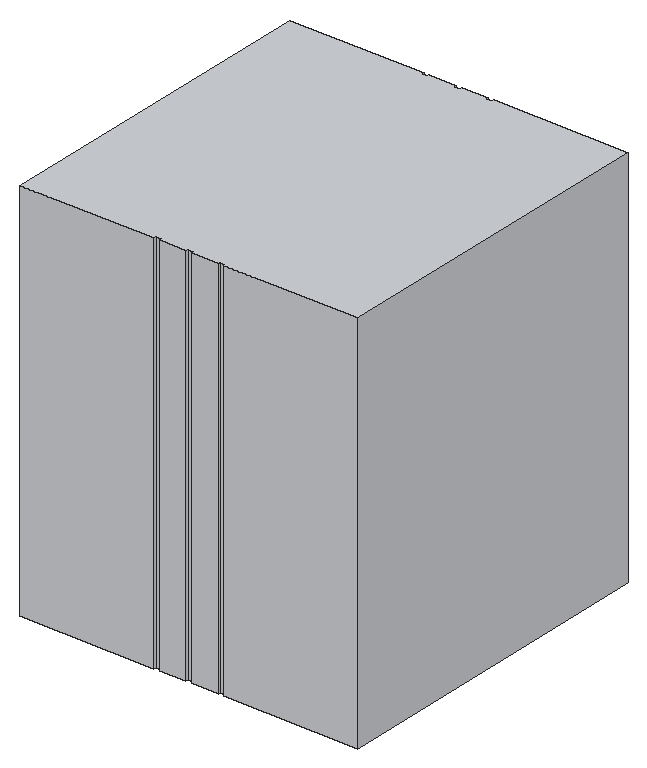
Revit family
Parameters (values of type "SBSP 029.5")
  Width = 3' - 6"
  URL = "www.strombergarchitectural.com"
  Top Material = GFRC
  Submittal Sheet = "www.strombergarchitectural.com/images/materials/gfrc/submittal/gfrc-submittal-sheet.pdf"
  Specifications = "www.strombergarchitectural.com/gfrcspecifications"
  Model Cut-sheet = "www.strombergarchitectural.com/products/bollards/design/sbsp-029"
  Model = "SBSP-029"
  Manufacturer = "Stromberg Architectural Products"
  Guidebook = "www.strombergarchitectural.com/images/materials/gfrc/handbooks/gfrc_guidebook.pdf"
  Frame Material = none
  Description = "GFRC Bollard"
  Assembly Code = ""
  Height = 4' - 0"
  029.5 = yes
  029.4 = no
  029.3 = no
  029.2 = no
  029.1 = no
Types (6): name | Width | Guidebook | Height | 029.5 | 029.4 | 029.3 | 029.2 | 029.1
  (no name) | 3' - 6" | "www.strombergarchitectural.com/images/materials/gfrc/handbooks/gfrc_guidebook.pdf" | 4' - 0" | yes | no | no | no | no
  SBSP-029.1 | 1' - 10" | "www.strombergarchitectural.com/images/materials/gfrc/handbooks/gfrc_guidebook.pdf" | 2' - 0" | no | no | no | no | yes
  SBSP-029.3 | 2' - 8" | "www.strombergarchitectural.com/images/materials/gfrc/handbooks/gfrc_guidebook.pdf   \r\n(http://www.strombergarchitectural.com/images/materials/gfrc/handbooks/gfrc_guidebook.pdf" | 3' - 0" | no | no | yes | no | no
  SBSP-029.2 | 2' - 3" | "www.strombergarchitectural.com/images/materials/gfrc/handbooks/gfrc_guidebook.pdf" | 2' - 6" | no | no | no | yes | no
  SBSP-029.4 | 3' - 1" | "www.strombergarchitectural.com/images/materials/gfrc/handbooks/gfrc_guidebook.pdf" | 3' - 6" | no | yes | no | no | no
  SBSP 029.5 | 3' - 6" | "www.strombergarchitectural.com/images/materials/gfrc/handbooks/gfrc_guidebook.pdf" | 4' - 0" | yes | no | no | no | no
Reference planes (in)
  plane 1 "Center (Front/Back)": y = 3.74847
  plane 2: z = 0
  plane 3 "Center (Left/Right)": x = 0.7278
  plane 4 "Front": y = -3.25153
  plane 5 "Back": y = 10.74847
  plane 6 "Left": x = -17.2722
  plane 7 "Right": x = 17.7278
Forms (in)
  Extrusion 1, solid, visible <- "029.3"
    sketch origin (0, 0, 0) x (1, 0, 0) y (0, 1, 0)
      loop
        line (0.4778, 19.74847) -> (-2.0222, 19.74847) -> (-2.0222, 19.49847) -> (-2.5222, 19.49847) -> (-2.5222, 19.74847) -> (-15.2722, 19.74847) -> (-15.2722, -12.25153) -> (-2.5222, -12.25153) -> (-2.5222, -12.00153) -> (-2.0222, -12.00153) -> (-2.0222, -12.25153) -> (0.4778, -12.25153) -> (0.4778, -12.00153) -> (0.9778, -12.00153) -> (0.9778, -12.25153) -> (3.4778, -12.25153) -> (3.4778, -12.00153) -> (3.9778, -12.00153) -> (3.9778, -12.25153) -> (16.7278, -12.25153) -> (16.7278, 19.86762) -> (3.9778, 19.86762) -> (3.9778, 19.49847) -> (3.4778, 19.49847) -> (3.4778, 19.74847) -> (0.9778, 19.74847) -> (0.9778, 19.49847) -> (0.4778, 19.49847) -> (0.4778, 19.74847)
    from 0 to 36
  Extrusion 2, solid, visible <- "029.2"
    sketch origin (0, 2.5, 0) x (1, 0, 0) y (0, 1, 0)
      loop
        line (14.2278, -12.25153) -> (14.2278, 14.74847) -> (3.43613, 14.74847) -> (3.43613, 14.49847) -> (3.01947, 14.49847) -> (3.01947, 14.74847) -> (0.93613, 14.74847) -> (0.93613, 14.49847) -> (0.51947, 14.49847) -> (0.51947, 14.74847) -> (-1.56387, 14.74847) -> (-1.56387, 14.49847) -> (-1.98053, 14.49847) -> (-1.98053, 14.74847) -> (-12.7722, 14.74847) -> (-12.7722, -12.25153) -> (-1.98053, -12.25153) -> (-1.98053, -12.00153) -> (-1.56387, -12.00153) -> (-1.56387, -12.25153) -> (0.51947, -12.25153) -> (0.51947, -12.00153) -> (0.93613, -12.00153) -> (0.93613, -12.25153) -> (3.01947, -12.25153) -> (3.01947, -12.00153) -> (3.43613, -12.00153) -> (3.43613, -12.25153) -> (14.2278, -12.25153)
    from 0 to 30
  Extrusion 3, solid, visible <- "029.1"
    sketch origin (0, 2.5, 0) x (1, 0, 0) y (0, 1, 0)
      loop
        line (11.7278, -9.75153) -> (11.7278, 12.24847) -> (2.89447, 12.24847) -> (2.89447, 11.99847) -> (2.56113, 11.99847) -> (2.56113, 12.24847) -> (0.89447, 12.24847) -> (0.89447, 11.99847) -> (0.56113, 11.99847) -> (0.56113, 12.24847) -> (-1.10553, 12.24847) -> (-1.10553, 11.99847) -> (-1.43887, 11.99847) -> (-1.43887, 12.24847) -> (-10.2722, 12.24847) -> (-10.2722, -9.75153) -> (-1.43887, -9.75153) -> (-1.43887, -9.50153) -> (-1.10553, -9.50153) -> (-1.10553, -9.75153) -> (0.56113, -9.75153) -> (0.56113, -9.50153) -> (0.89447, -9.50153) -> (0.89447, -9.75153) -> (2.56113, -9.75153) -> (2.56113, -9.50153) -> (2.89447, -9.50153) -> (2.89447, -9.75153) -> (11.7278, -9.75153)
    from 0 to 24
  Extrusion 4, solid, visible <- "029.4"
    sketch origin (0, -2.5, 0) x (1, 0, 0) y (0, 1, 0)
      loop
        line (19.2278, -12.25153) -> (19.2278, 24.74847) -> (4.51947, 24.74847) -> (4.51947, 24.49847) -> (3.93613, 24.49847) -> (3.93613, 24.74847) -> (1.01947, 24.74847) -> (1.01947, 24.49847) -> (0.43613, 24.49847) -> (0.43613, 24.74847) -> (-2.48053, 24.74847) -> (-2.48053, 24.49847) -> (-3.06387, 24.49847) -> (-3.06387, 24.74847) -> (-17.7722, 24.74847) -> (-17.7722, -12.25153) -> (-3.06387, -12.25153) -> (-3.06387, -12.00153) -> (-2.48053, -12.00153) -> (-2.48053, -12.25153) -> (0.43613, -12.25153) -> (0.43613, -12.00153) -> (1.01947, -12.00153) -> (1.01947, -12.25153) -> (3.93613, -12.25153) -> (3.93613, -12.00153) -> (4.51947, -12.00153) -> (4.51947, -12.25153) -> (19.2278, -12.25153)
    from 0 to 42
  Extrusion 5, solid, visible <- "029.5"
    sketch origin (0, -2.5, 0) x (1, 0, 0) y (0, 1, 0)
      loop
        line (21.7278, -14.75153) -> (21.7278, 27.24847) -> (5.06113, 27.24847) -> (5.06113, 26.99847) -> (4.39447, 26.99847) -> (4.39447, 27.24847) -> (1.06113, 27.24847) -> (1.06113, 26.99847) -> (0.39447, 26.99847) -> (0.39447, 27.24847) -> (-2.93887, 27.24847) -> (-2.93887, 26.99847) -> (-3.60553, 26.99847) -> (-3.60553, 27.24847) -> (-20.2722, 27.24847) -> (-20.2722, -14.75153) -> (-3.60553, -14.75153) -> (-3.60553, -14.50153) -> (-2.93887, -14.50153) -> (-2.93887, -14.75153) -> (0.39447, -14.75153) -> (0.39447, -14.50153) -> (1.06113, -14.50153) -> (1.06113, -14.75153) -> (4.39447, -14.75153) -> (4.39447, -14.50153) -> (5.06113, -14.50153) -> (5.06113, -14.75153) -> (21.7278, -14.75153)
    from 0 to 48
Dimensions and locks (in)
  aligned and locked: Extrusion 4 to plane 2
